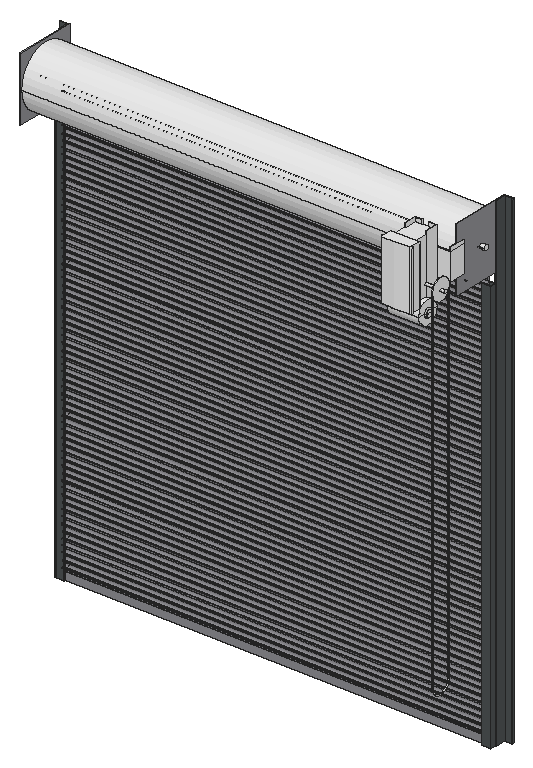
Revit family "FireKing-Fire-Rated-Service-Doors_OHD_Model-634_compact", category Specialty Equipment, host Wall, Revit 2023 (continued)
Definition of nested family "Lifts"
  Dimensions and locks (in)
    aligned and locked: plane 12 "Main" to Extrusion 6 sketch curve  (x2)
    aligned and locked: Extrusion 6 sketch curve to plane 15
    aligned and locked: plane 16 to Extrusion 6 sketch curve
    aligned and locked: Extrusion 7 sketch curve to plane 1 "Center (Front/Back)"  (x2)
    aligned and locked: Extrusion 8 sketch curve to Extrusion 8 sketch curve  (x4)
    aligned and locked: plane 19 to Extrusion 8 sketch curve
    aligned and locked: Extrusion 8 sketch curve to plane 19
    aligned and locked: plane 4 "Opening Height" to Extrusion 8
    aligned and locked: Extrusion 5 sketch curve to plane 12 "Main"
    aligned and locked: plane 12 "Main" to Extrusion 4 sketch curve
    aligned and locked: Extrusion 9 sketch curve to plane 11  (x2)
    aligned and locked: Extrusion 9 sketch curve to plane 7  (x2)
    aligned and locked: plane 17 to Extrusion 9 sketch curve
    aligned and locked: Extrusion 9 sketch curve to plane 18
    aligned and locked: Masking region 2 sketch curve to Extrusion 4
    aligned and locked: Masking region 2 to curve 2  (x2)
    aligned and locked: Masking region 2 to curve 1  (x2)
    aligned and locked: Masking region 3 sketch curve to Extrusion 7  (x10)
    aligned and locked: Extrusion 7 to Masking region 3 sketch curve
    aligned and locked: Masking region 4 sketch curve to Extrusion 6  (x10)
    aligned and locked: Extrusion 2 to Extrusion 1
    aligned and locked: Extrusion 1 to Extrusion 2
    aligned and locked: curve 1 to Extrusion 9
    aligned and locked: Extrusion 9 to curve 2
    aligned and locked: Masking region 2 to plane 17
    aligned and locked: Masking region 2 to plane 18
    aligned and locked: plane 18 to Masking region 1 sketch curve
    aligned and locked: Masking region 1 sketch curve to plane 17
    aligned and locked: plane 20 to Extrusion 9 sketch curve
    aligned and locked: plane 21 to Extrusion 9 sketch curve
    aligned and locked: plane 20 to Extrusion 4
    aligned and locked: plane 20 to Extrusion 5
    aligned and locked: Extrusion 4 to plane 21
    aligned and locked: Extrusion 5 to plane 21
    aligned and locked: plane 13 to Extrusion 10 sketch curve
    aligned and locked: Extrusion 11 sketch curve to plane 12 "Main"
    aligned and locked: Extrusion 11 sketch curve to plane 7
    aligned and locked: Extrusion 11 sketch curve to plane 11
    aligned and locked: Extrusion 11 sketch curve to plane 8
    aligned and locked: Extrusion 11 to plane 20
    aligned and locked: Extrusion 11 to plane 21
    aligned and locked: plane 20 to Extrusion 10
    aligned and locked: Extrusion 10 to plane 21
    aligned and locked: plane 8 to Extrusion 9
    aligned and locked: Extrusion 11 to curve 3
    aligned and locked: plane 20 to curve 3
    aligned and locked: plane 21 to curve 3
    aligned and locked: Extrusion 7 to plane 7
    aligned and locked: plane 7 to Extrusion 6
    aligned and locked: Extrusion 4 sketch curve to plane 11
    aligned and locked: Extrusion 5 sketch curve to plane 11
  Automatic sketch dimensions
    Extrusion 2 sketch curve to level = 0"
    Extrusion 1 sketch curve to Extrusion 1 sketch curve = 3/8"
    plane 17 to Masking region 2 sketch curve = 0"
    Masking region 2 sketch curve to plane 18 = 0"
    Masking region 2 sketch curve to plane 1 "Center (Front/Back)" = 0"
    radius of Extrusion 3 sketch curve = 0.6"
Definition of nested family "Motor"
  Parameters (values of type "Trolley Motor")
    Wall Mount RSX = if(Chain Hoist, 1 = 2, if(Motor Option = 3, 1 = 1, 1 = 2))  # no
    Top Mount RSX = if(Chain Hoist, 1 = 2, if(Motor Option = 2, 1 = 1, 1 = 2))  # no
    Shaft Material = none
    Real Exterior Wall Offset = if(Wall Mount RSX, Displacement, Exterior Wall Offset + if(and(BJ, Bench Mount RSX, Hood Width < 19 1/2"), 2.6", 0"))  # 6"
    Not Chain Hoist = not(Chain Hoist)  # yes
    Not Bench + Top = not(or(Top Mount RSX, Chain Hoist, Bench Mount RSX))  # yes
    Horizontal Mount = if(Face Mount RSX, 5.08" + 0.12" + 2.38", if(Top Mount RSX, 11.19", if(Wall Mount RSX, 5.08", if(Bench Mount RSX, 4.77" + if(or(Hood Width < 14", Hood Width = 14"), 6.13", if(or(Hood Width < 16", Hood Width = 16"), 4.13", 3 1/4")), 0"))))  # 7.58"
    Not Fire King = if(Chain Hoist, 1 = 2, not(Chain Hoist))  # yes
    Vertical Mount = if(Face Mount RSX, 11.07" + Hood Height / 2, if(Top Mount RSX, 14.92" - 0.13" - 2.38", if(Wall Mount RSX, 20.03" + 6" + Hood Height / 2, if(Bench Mount RSX, 20" + 2.29" + Hood Height / 2, Hood Height))))  # 20.3825"
    Motor Type = if(Motor Option < 2, "RSX FDO Face Mount", if(Motor Option = 2, "RSX FDO Top Mount", if(Motor Option = 3, "RSX Wall Mount", if(Motor Option = 4, "RSX Bench Mount", "Chain Hoist"))))  # "RSX FDO Face Mount"
    Motor Option = 1
    Main Material = none
    Hood Width Real = if(Wall Mount RSX, 0", if(Chain Hoist, if(Hood Height < Hood Width, (Hood Width + (Hood Width - Hood Height)) / 2, Hood Width / 2), Hood Width))  # 17 1/2"
    Hood Width = 17 1/2"
    Hood Height = 18 5/8"
    Hood Mount = if(or(Face Mount RSX, Top Mount RSX), 0.37", if(Wall Mount RSX, if(BJ, 12.24" + BJ Displacement, 14.74"), if(Bench Mount RSX, 14.49", 4.26")))  # 0.37"
    Floor To Cl Shaft = 132 5/16"
    Fire King RHX = 1 = 2  # no
    Top Option Offset = if(or(Top Mount RSX, Bench Mount RSX), 20", 0")  # 0"
    Face+Top = if(Chain Hoist, 1 = 2, if(or(Face Mount RSX, Top Mount RSX), 1 = 1, 1 = 2))  # yes
    Face Mount RSX = if(Chain Hoist, 1 = 2, if(Motor Option < 2, 1 = 1, 1 = 2))  # yes
    Top + Bench = if(Chain Hoist, 1 = 2, if(or(Top Mount RSX, Bench Mount RSX), 1 = 1, 1 = 2))  # no
    Face + Top + Bench = if(Chain Hoist, 1 = 2, if(or(Face Mount RSX, Top Mount RSX, Bench Mount RSX), 1 = 1, 1 = 2))  # yes
    Exterior Wall Offset = 6"
    Displacement = 6"
    Default Elevation = 48"
    Chain V Offset = if(or(Face Mount RSX, Wall Mount RSX), 6.53", if(or(Top Mount RSX, Bench Mount RSX), 18.81", Hood Height / 2))  # 6.53"
    Chain H Offset = if(or(Face Mount RSX, Wall Mount RSX), 1.19", if(or(Top Mount RSX, Bench Mount RSX), 6.53", 0"))  # 1.19"
    Chain Hoist = no
    Bench Mount RSX = if(Chain Hoist, 1 = 2, if(Motor Option > 3, 1 = 1, 1 = 2))  # no
    BJ Displacement = 0"
    BJ = no
    Angle = if(or(Bench Mount RSX, Top Mount RSX), 90.00°, 180.00°)  # 180.00°
  Reference planes (in)
    plane 1 "Center (Front/Back)": y = 0
    plane 2: z = 0
    plane 3 "Center (Left/Right)": x = 0
    plane 4: y = 0
    plane 5: y = 1.19
    plane 6: z = -125.7825
    plane 7: z = -95.7825
    plane 8: z = 6.53
    plane 9 "Chain Hoist": z = 6.53
    plane 10 "Top Of Hood": z = 20.3825
    plane 11: y = 7.58
    plane 12: z = 0
    plane 13 "Hood Face": x = 6.8795
    plane 14: x = 7.2495
    plane 15: y = 25.08
    plane 16 "Wall": y = 31.08
  Forms (in)
    Extrusion 1, solid, material <- "Main Material", visible <- "Not Chain Hoist"
      sketch origin (0, 0, 18.8898) x (1, 0, 0) y (0, 1, 0)
        loop
          line (-4.134, -2.41307) -> (4.116, -2.41307) -> (4.116, -2.29347) -> (3.108, -2.29347)
          arc (3.108, -2.29347) -> (3.02315, -2.25832) -> (2.988, -2.17347) r 0.12
          line (2.988, -2.17347) -> (2.988, 4.96193) -> (-2.988, 4.96193) -> (-2.988, -2.17347)
          arc (-2.988, -2.17347) -> (-3.02315, -2.25832) -> (-3.108, -2.29347) r 0.12
          line (-3.108, -2.29347) -> (-4.134, -2.29347) -> (-4.134, -2.41307)
      from -16.64 to 0
    Extrusion 2, solid, material <- "Main Material", visible <- "Not Chain Hoist"
      sketch origin (0, 0, 18.8898) x (1, 0, 0) y (0, 1, 0)
        loop
          line (-4.134, -2.41307) -> (-4.134, -5.05565) -> (-4.3324, -5.05565) -> (-4.3324, -5.3122)
          arc (-4.3324, -5.3122) -> (-4.24466, -5.55085) -> (-4.02324, -5.67585) r 0.36846
          arc (-4.02324, -5.67585) -> (0, -6.0017) -> (4.02324, -5.67585) r 25
          arc (4.02324, -5.67585) -> (4.24466, -5.55085) -> (4.3324, -5.3122) r 0.36846
          line (4.3324, -5.3122) -> (4.3324, -5.05565) -> (4.116, -5.05565) -> (4.116, -2.41307) -> (-4.134, -2.41307)
      from -17 to 0.35839
    Revolve 3, solid, material <- "Main Material", visible <- "Not Fire King"
      sketch origin (2.0828, 5.66524, 0) x (0, -1, 0) y (1, 0, 0)
        loop
          line (5.66524, -9.0813) -> (5.66524, 3.1162) -> (4.82413, 3.1162) -> (4.82413, 2.7162) -> (4.39283, 2.7162) -> (4.39283, 2.4872) -> (2.44007, 2.4872) -> (2.44007, -6.6585) -> (3.79863, -6.6585) -> (3.79863, -7.51105) -> (3.89778, -7.6102) -> (5.36033, -7.6102) -> (5.36033, -7.8313) -> (4.69783, -7.8313) -> (4.69783, -9.0813) -> (5.66524, -9.0813)
        axis (5.66524, -9.0813) -> (5.66524, 3.1162)
      angle from 0 to 360
    Extrusion 4, solid, material <- "Main Material", visible <- "Wall Mount RSX"
      sketch origin (0, 0, 18.8898) x (1, 0, 0) y (0, 1, 0)
        loop
          line (-2.988, 5.08193) -> (-4.988, 5.08193) -> (-4.988, 4.96193) -> (-3.108, 4.96193) -> (-3.108, 1.46193) -> (-2.988, 1.46193) -> (-2.988, 5.08193)
        loop
          line (2.988, 5.08193) -> (2.988, 1.46193) -> (3.108, 1.46193) -> (3.108, 4.96193) -> (4.988, 4.96193) -> (4.988, 5.08193) -> (2.988, 5.08193)
      from -16.64 to 1.14
    Extrusion 5, solid, material <- "Main Material"
      sketch origin (0, 0.00141, 3.59957) x (0, 0, 1) y (0, -1, 0)
        loop
          circle (2.93043, -1.18859) r 3
      from 7.52 to 7.2495
    Sweep 6, solid, material <- "Main Material"
      path origin (7.38475, 9.53, 48) x (0, 1, 0) y (0, 0, 1)
        loop
          line (-11.34, -41.47) -> (-11.34, -143.7825)
          arc (-11.34, -143.7825) -> (-8.34, -146.7825) -> (-5.34, -143.7825) r 3
          line (-5.34, -143.7825) -> (-5.34, -41.47)
      profile origin (7.38475, -1.81, -44.62625) x (1, 0, 0) y (0, 1, 0)
        loop
          circle (0, 0.1) r 0.1
    Extrusion 7, solid, material <- "Main Material"
      sketch origin (0, 0.00141, 3.59957) x (0, 0, 1) y (0, -1, 0)
        loop
          circle (2.93043, -1.18859) r 0.4
      from 8.82 to 0
    Extrusion 8, solid, material <- "Main Material", visible <- "Face+Top"
      sketch origin (0, 0, 18.8898) x (1, 0, 0) y (0, 1, 0)
        loop
          line (7.2495, 5.08193) -> (7.2495, 9.82193) -> (7.1295, 9.82193) -> (7.1295, 5.20193) -> (-2.988, 5.20193) -> (-2.988, 5.08193) -> (7.2495, 5.08193)
      from -12.32 to -4.32
    Extrusion 9, solid, material <- "Main Material", visible <- "Face + Top + Bench"
      sketch origin (0.25, 0, 18.8898) x (1, 0, 0) y (0, 1, 0)
        loop
          line (-3.358, 5.08193) -> (-3.358, 1.46193) -> (-3.238, 1.46193) -> (-3.238, 4.96193) -> (-1.238, 4.96193) -> (-1.238, 5.08193) -> (-3.358, 5.08193)
        loop
          line (2.858, 5.08193) -> (0.738, 5.08193) -> (0.738, 4.96193) -> (2.738, 4.96193) -> (2.738, 1.46193) -> (2.858, 1.46193) -> (2.858, 5.08193)
      from -16.64 to 1.14
    Extrusion 10, solid, material <- "Main Material", visible <- "Face+Top"
      sketch origin (0, 0, 0) x (0, 0, 1) y (0, -1, 0)
        loop
          line (15.5698, -5.33193) -> (6.5698, -5.33193) -> (6.5698, -9.82193) -> (15.5698, -9.82193) -> (15.5698, -5.33193)
      from 6.8795 to 7.1295
    Extrusion 11, solid, material <- "Main Material", visible <- "Bench Mount RSX"
      sketch origin (0, 0, 18.8898) x (1, 0, 0) y (0, 1, 0)
        loop
          line (-6.9985, 5.08193) -> (3.108, 5.08193) -> (3.108, 5.20193) -> (-7.1205, 5.20193) -> (-7.1205, 1.33693) -> (-6.9985, 1.33693) -> (-6.9985, 5.08193)
      from -10.78 to -1.46
    Extrusion 12, solid, material <- "Main Material", visible <- "Bench Mount RSX"
      sketch origin (0, 0, 0) x (0, 0, 1) y (0, -1, 0)
        loop
          line (8.2698, -1.46193) -> (8.2698, -4.96193) -> (17.2698, -4.96193) -> (17.2698, -1.46193) -> (8.2698, -1.46193)
      from -7.24 to -7.1205
  Lines and regions (in)
    reference lines
      curve 1: line (0, 0, 0) -> (0, 0, 18.8898)
  Dimensions and locks (in)
    Extrusion 4 sketch curve to Extrusion 4 sketch curve = 3.62"
    locked: Extrusion 4 sketch curve to Extrusion 4 sketch curve at 0.12  (x3)
    "Chain H Offset": plane 4 to plane 5
    locked: plane 7 to plane 6 at 30
    locked: Sweep 6 sketch curve to profile plane at 0
    locked: profile plane to Sweep 6 sketch curve at 0.1
    locked: Sweep 6 sketch curve to Sweep 6 sketch curve at 6
    "Floor To Cl Shaft": plane 8 to plane 6
    "Horizontal Mount": plane 1 "Center (Front/Back)" to plane 11
    Extrusion 9 sketch curve to Extrusion 9 sketch curve = 3.62"
    locked: Extrusion 9 sketch curve to Extrusion 9 sketch curve at 0.12  (x3)
    "Top Option Offset": level to plane 12
    "Chain V Offset": plane 9 "Chain Hoist" to plane 12
    equal spacing: Sweep 6 sketch curve, plane 5, Sweep 6 sketch curve
    "Vertical Mount": plane 10 "Top Of Hood" to plane 12
    locked: Extrusion 2 sketch curve to Extrusion 2 sketch curve at 8.25
    locked: Extrusion 2 sketch curve to Extrusion 2 sketch curve at 2.64258
    locked: plane 3 "Center (Left/Right)" to plane 14 at 7.2495
    "Hood Mount": plane 13 "Hood Face" to plane 14
    locked: Extrusion 8 sketch curve to Extrusion 8 sketch curve at 0.12  (x2)
    locked: Extrusion 8 sketch curve to curve 1 at 5.08193
    "Hood Width Real": plane 11 to plane 15
    "Real Exterior Wall Offset": plane 15 to plane 16 "Wall"
    locked: Extrusion 8 sketch curve to Extrusion 8 sketch curve at 4.62
    Revolve 3 sketch curve to Revolve 3 sketch curve to Revolve 3 sketch curve to Revolve 3 sketch curve to Revolve 3 sketch curve to Revolve 3 sketch curve to Revolve 3 sketch curve = 1 1/4" locked, 0.2211" locked, 0.9517" locked, 9.1457" locked, 0.229" locked, 0.4" locked
    Revolve 3 sketch curve to Revolve 3 sketch curve to Revolve 3 sketch curve to Revolve 3 sketch curve to Revolve 3 sketch curve to Revolve 3 sketch curve to Revolve 3 sketch curve to Revolve 3 sketch curve = 0.30491" locked, 0.53619" locked, 0.12631" locked, 0.305" locked, 0.49505" locked, 0.09915" locked, 1.35856" locked
    locked: Extrusion 1 sketch curve to Extrusion 1 sketch curve at 0.1196
    locked: Extrusion 1 sketch curve to Extrusion 1 sketch curve at 5.976
    equal spacing: Extrusion 1 sketch curve, curve 1, Extrusion 1 sketch curve
    locked: curve 1 to Extrusion 1 sketch curve at 2.41307
    locked: Extrusion 1 sketch curve to Extrusion 1 sketch curve at 7.375
    locked: Extrusion 9 sketch curve to curve 1 at 1.46193
    equal spacing: Extrusion 4 sketch curve, curve 1, Extrusion 4 sketch curve
    locked: Extrusion 4 sketch curve to curve 1 at 1.46193
    locked: Extrusion 10 sketch curve to Extrusion 10 sketch curve at 4.49
    locked: Extrusion 10 sketch curve to Extrusion 10 sketch curve at 9
    locked: Extrusion 10 sketch curve to curve 1 at 9.82193
    locked: Extrusion 10 sketch curve to curve 1 at 6.5698
    locked: Revolve 3 sketch curve to plane 3 "Center (Left/Right)" at 4.5757
    locked: Extrusion 4 sketch curve to Extrusion 4 sketch curve at 5.976
    locked: Extrusion 9 sketch curve to plane 3 "Center (Left/Right)" at 2.988
    locked: plane 3 "Center (Left/Right)" to Extrusion 9 sketch curve at 3.108
    locked: Extrusion 4 sketch curve to Extrusion 4 sketch curve at 2
    locked: Extrusion 4 sketch curve to Extrusion 4 sketch curve at 1.88
    locked: Extrusion 8 sketch curve to Extrusion 8 sketch curve at 10.2375
    locked: curve 1 to Extrusion 8 sketch curve at 7.2495
    locked: Extrusion 1 sketch curve to Extrusion 1 sketch curve at 1.128
    locked: Extrusion 1 sketch curve to Extrusion 1 sketch curve at 1.146
    locked: curve 1 to Extrusion 2 sketch curve at 2.41307
    locked: Extrusion 11 sketch curve to Extrusion 11 sketch curve at 0.122
    locked: Extrusion 11 sketch curve to Extrusion 11 sketch curve at 0.12
    locked: Extrusion 11 sketch curve to curve 1 at 6.9985
    locked: Extrusion 11 sketch curve to curve 1 at 5.08193
    locked: Extrusion 11 sketch curve to Extrusion 11 sketch curve at 10.1065
    locked: Extrusion 11 sketch curve to Extrusion 11 sketch curve at 3.865
    locked: Extrusion 12 sketch curve to Extrusion 12 sketch curve at 3.5
    locked: curve 1 to Extrusion 12 sketch curve at 1.46193
    locked: Extrusion 12 sketch curve to Extrusion 12 sketch curve at 9
    locked: Extrusion 12 sketch curve to curve 1 at 10.62
    radius of Extrusion 5 sketch curve = 3"
    radius of Sweep 6 sketch curve = 3"
    radius of Sweep 6 sketch curve = 0.1"
    radius of Extrusion 7 sketch curve = 0.4"
    radius of Extrusion 2 sketch curve = 0.36846"  (x2)
    radius of Extrusion 1 sketch curve = 0.12"  (x2)
    radius of Extrusion 2 sketch curve = 25"
    "Angle": angle curve 1 to plane 1 "Center (Front/Back)"
    angle Extrusion 2 sketch curve to Extrusion 2 sketch curve = 90.00°
    locked: Extrusion 2 sketch curve to Extrusion 2 sketch curve (angle 90.00°)
    aligned and locked: plane 2 to level
    aligned and locked: Revolve 3 sketch curve to Revolve 3 sketch curve
    aligned and locked: plane 1 "Center (Front/Back)" to curve 1
    aligned and locked: level to curve 1
    aligned and locked: plane 1 "Center (Front/Back)" to plane 4
    aligned and locked: Extrusion 4 sketch curve to Extrusion 4 sketch curve  (x3)
    aligned and locked: plane 7 to Sweep 6 sketch curve  (x2)
    aligned and locked: plane 8 to Sweep 6 sketch curve  (x2)
    aligned and locked: plane 5 to Extrusion 5 sketch curve
    aligned and locked: plane 9 "Chain Hoist" to Extrusion 5 sketch curve
    aligned and locked: plane 5 to Extrusion 7 sketch curve
    aligned and locked: plane 9 "Chain Hoist" to Extrusion 7 sketch curve
    aligned and locked: plane 8 to plane 9 "Chain Hoist"
    aligned and locked: Extrusion 9 sketch curve to Extrusion 9 sketch curve  (x3)
    aligned and locked: Extrusion 2 sketch curve to Extrusion 2 sketch curve
    aligned and locked: Extrusion 1 sketch curve to Extrusion 1 sketch curve
    aligned and locked: plane 4 to nested 1
    aligned and locked: plane 3 "Center (Left/Right)" to nested 1
  Automatic sketch dimensions
    plane 1 "Center (Front/Back)" to Revolve 3 sketch curve = 0"
    Revolve 3 sketch curve to Revolve 3 sketch curve = 0.09915"
    Revolve 3 sketch curve to Revolve 3 sketch curve = 4.7892"
    Revolve 3 sketch curve to plane 14 = 1.9628"
    Extrusion 9 sketch curve to plane 3 "Center (Left/Right)" = 0.988"
    plane 3 "Center (Left/Right)" to Extrusion 9 sketch curve = 0.988"
    Extrusion 2 sketch curve to plane 3 "Center (Left/Right)" = 0"
    Extrusion 2 sketch curve to Extrusion 2 sketch curve = 0.1984"
    Extrusion 2 sketch curve to Extrusion 2 sketch curve = 0.15206"
    Extrusion 2 sketch curve to Extrusion 2 sketch curve = 0.25654"
    Extrusion 2 sketch curve to Extrusion 2 sketch curve = 0"  (x2)
    Extrusion 2 sketch curve to Extrusion 2 sketch curve = 0.0593"
  Nested families (in)
    nested 1: "2D_NotScalableMain_29e791da-3db9-4234-ab15-44456784202b" at (0, 0, 0), type "Default"
      with Not Top + Bench yes, Face Mount yes, Chain Hoist no
  Definition of nested family "2D_NotScalableMain_29e791da-3db9-4234-ab15-44456784202b"
    Parameters (values of type "Default")
      Wall Mount = no
      Top Mount = no
      Not Top + Bench = no
      Fire King Face Mount = no
      Face Mount = no
      Top + Bench = no
      Chain Hoist = yes
      Bench Mount = no
    Reference planes (in)
      plane 1 "Center (Front/Back)": y = 0
      plane 2: z = 0
      plane 3 "Center (Left/Right)": x = 0
    Lines and regions (in)
      Masking region 1, in view "Ref. Level", visible <- "Not Top + Bench"
        outline origin (0, 0, 0) x (1, 0, 0) y (0, 1, 0)
          loop
            line (-6.9985, -0.96741) -> (-5.7485, -0.96741) -> (-5.7485, -0.30491) -> (-5.5274, -0.30491) -> (-5.5274, -1.76746) -> (-5.42825, -1.86661) -> (-4.5757, -1.86661) -> (-4.5757, -3.22517) -> (-4.134, -3.22517) -> (-4.134, -5.05565) -> (-4.3324, -5.05565) -> (-4.3324, -5.3122)
            arc (-4.3324, -5.3122) -> (-4.24466, -5.55085) -> (-4.02324, -5.67585) r 0.36846
            arc (-4.02324, -5.67585) -> (0, -6.0017) -> (4.02324, -5.67585) r 25
            arc (4.02324, -5.67585) -> (4.24466, -5.55085) -> (4.3324, -5.3122) r 0.36846
            line (4.3324, -5.3122) -> (4.3324, -5.05565) -> (4.116, -5.05565) -> (4.116, -3.22517) -> (4.57, -3.22517) -> (4.57, -1.27241) -> (4.799, -1.27241) -> (4.799, -0.84111) -> (5.199, -0.84111) -> (5.199, 0.79) -> (7.2495, 0.79) -> (7.2495, -1.81) -> (7.52, -1.81) -> (7.52, 0.79) -> (8.82, 0.79) -> (8.82, 1.59) -> (7.52, 1.59) -> (7.52, 4.19) -> (7.2495, 4.19) -> (7.2495, 1.59) -> (4.57, 1.59) -> (4.57, 3.22517) -> (2.988, 3.22517) -> (2.988, 4.96193) -> (-2.988, 4.96193) -> (-2.988, 3.22517) -> (-4.5757, 3.22517) -> (-4.5757, 1.86661) -> (-5.42825, 1.86661) -> (-5.5274, 1.76746) -> (-5.5274, 0.30491) -> (-5.7485, 0.30491) -> (-5.7485, 0.96741) -> (-6.9985, 0.96741) -> (-6.9985, -0.96741)
      Masking region 2, in view "Ref. Level", visible <- "Fire King Face Mount"
        outline origin (0, 0, 0) x (1, 0, 0) y (0, 1, 0)
          loop
            circle (0, 1.59) r 2.87397
          loop
            line (-2.988, 7.80693) -> (-2.988, 4.96193) -> (2.988, 4.96193) -> (2.988, 7.80693) -> (0.82, 7.80693) -> (0.82, 16.89193) -> (0.57, 16.89193) -> (0.57, 7.80693) -> (-2.988, 7.80693)
      Masking region 3, in view "Ref. Level", visible <- "Face Mount"
        outline origin (0, 0, 0) x (1, 0, 0) y (0, 1, 0)
          loop
            line (-3.108, 1.46193) -> (-2.988, 1.46193) -> (-2.988, 4.96193) -> (2.988, 4.96193) -> (2.988, 1.46193) -> (3.108, 1.46193) -> (3.108, 5.08193) -> (7.2495, 5.08193) -> (7.2495, 9.82193) -> (6.8795, 9.82193) -> (6.8795, 5.33193) -> (7.1295, 5.33193) -> (7.1295, 5.20193) -> (-2.988, 5.20193) -> (-2.988, 5.08193) -> (-3.108, 5.08193) -> (-3.108, 1.46193)
      Masking region 4, in view "Ref. Level", visible <- "Top + Bench"
        outline origin (0, 0, 0) x (1, 0, 0) y (0, 1, 0)
          loop
            line (-6.9985, -0.96741) -> (-5.7485, -0.96741) -> (-5.7485, -0.30491) -> (-5.5274, -0.30491) -> (-5.5274, -1.76746) -> (-5.42825, -1.86661) -> (-4.5757, -1.86661) -> (-4.5757, -3.22517) -> (4.57, -3.22517) -> (4.57, -1.27241) -> (4.799, -1.27241) -> (4.799, -0.84111) -> (5.199, -0.84111) -> (5.199, 0.84111) -> (4.799, 0.84111) -> (4.799, 1.27241) -> (4.57, 1.27241) -> (4.57, 3.22034) -> (4.3324, 3.22034) -> (4.3324, 6.13) -> (7.2495, 6.13) -> (7.2495, 3.53) -> (7.52, 3.53) -> (7.52, 6.13) -> (8.82, 6.13) -> (8.82, 6.93) -> (7.52, 6.93) -> (7.52, 9.53) -> (7.2495, 9.53) -> (7.2495, 6.93) -> (4.3324, 6.93) -> (4.3324, 19.24819) -> (3.108, 19.24819) -> (3.108, 20.0298) -> (0.988, 20.0298) -> (0.988, 19.24819) -> (-0.988, 19.24819) -> (-0.988, 20.0298) -> (-3.108, 20.0298) -> (-3.108, 19.24819) -> (-4.3324, 19.24819) -> (-4.3324, 3.22517) -> (-4.5757, 3.22517) -> (-4.5757, 1.86661) -> (-5.42825, 1.86661) -> (-5.5274, 1.76746) -> (-5.5274, 0.30491) -> (-5.7485, 0.30491) -> (-5.7485, 0.96741) -> (-6.9985, 0.96741) -> (-6.9985, -0.96741)
      Masking region 5, in view "Ref. Level", visible <- "Top Mount"
        outline origin (0, 0, 0) x (1, 0, 0) y (0, 1, 0)
          loop
            line (4.3324, 14.55771) -> (4.3324, 6.93) -> (7.2495, 6.93) -> (7.2495, 14.55771) -> (7.1295, 14.55771) -> (7.1295, 15.55771) -> (6.8795, 15.55771) -> (6.8795, 14.55771) -> (4.3324, 14.55771)
      Masking region 6, in view "Ref. Level", visible <- "Wall Mount"
        outline origin (0, 0, 0) x (1, 0, 0) y (0, 1, 0)
          loop
            line (-4.988, 4.96193) -> (-3.108, 4.96193) -> (-3.108, 1.46193) -> (-2.988, 1.46193) -> (-2.988, 5.08193) -> (-4.988, 5.08193) -> (-4.988, 4.96193)
          loop
            line (2.988, 1.46193) -> (3.108, 1.46193) -> (3.108, 4.96193) -> (4.988, 4.96193) -> (4.988, 5.08193) -> (2.988, 5.08193) -> (2.988, 1.46193)
      Masking region 7, in view "Ref. Level", visible <- "Bench Mount"
        outline origin (0, 0, 0) x (1, 0, 0) y (0, 1, 0)
          loop
            line (-7.24, 9.2698) -> (-7.1205, 9.2698) -> (-7.1205, 9.1098) -> (-4.3324, 9.1098) -> (-4.3324, 17.4298) -> (-7.1205, 17.4298) -> (-7.1205, 17.2698) -> (-7.24, 17.2698) -> (-7.24, 9.2698)
      Masking region 8, in view "Ref. Level", visible <- "Chain Hoist"
        outline origin (0, -6.98957, 0) x (1, 0, 0) y (0, 1, 0)
          loop
            line (4.7396, 6.58957) -> (7.2495, 6.58957) -> (7.2495, 3.98957) -> (7.52, 3.98957) -> (7.52, 6.58957) -> (8.82, 6.58957) -> (8.82, 7.38957) -> (7.52, 7.38957) -> (7.52, 9.98957) -> (7.2495, 9.98957) -> (7.2495, 7.38957) -> (4.7396, 7.38957) -> (4.7396, 6.58957)
      reference lines, in view "Ref. Level"
        curve 1: line (0, 0, 0) -> (0, 0.125, 0)
        curve 2: line (0, 0, 0) -> (0.125, 0, 0)
      detail lines, in view "Ref. Level", visible <- "Not Top + Bench"
        curve 3: line (7.2495, 4.19, 0) -> (7.2495, -1.81, 0)
        curve 4: line (7.52, 4.19, 0) -> (7.52, -1.81, 0)
        curve 5: line (-4.134, -2.29347, 0) -> (-4.134, -5.05565, 0)
        curve 6: line (4.116, -2.29347, 0) -> (4.116, -5.05565, 0)
        curve 7: line (-4.134, -2.41307, 0) -> (4.116, -2.41307, 0)
        curve 8: line (4.116, -2.29347, 0) -> (3.108, -2.29347, 0)
        curve 9: line (2.988, -2.17347, 0) -> (2.988, 4.96193, 0)
        curve 10: line (2.988, 4.96193, 0) -> (-2.988, 4.96193, 0)
        curve 11: line (-2.988, 4.96193, 0) -> (-2.988, -2.17347, 0)
        curve 12: arc (-2.988, -2.17347, 0) -> (-3.02315, -2.25832, 0) -> (-3.108, -2.29347, 0) r 0.12
        curve 13: arc (3.108, -2.29347, 0) -> (3.02315, -2.25832, 0) -> (2.988, -2.17347, 0) r 0.12
        curve 14: line (4.57, -3.22517, 0) -> (4.57, 0.77483, 0)
        curve 15: line (4.799, -1.27241, 0) -> (4.799, 0.77483, 0)
        curve 16: line (5.199, -0.84111, 0) -> (5.199, 0.77483, 0)
        curve 17: line (-4.5757, -3.22517, 0) -> (-4.5757, 3.22517, 0)
        curve 18: line (-5.42825, -1.86661, 0) -> (-5.42825, 1.86661, 0)
        curve 19: line (-5.5274, 1.76746, 0) -> (-5.5274, -1.76746, 0)
        curve 20: line (-5.7485, -0.96741, 0) -> (-5.7485, 0.96741, 0)
        curve 25: line (-4.116, -2.29347, 0) -> (-3.108, -2.29347, 0)
        curve 26: line (5.199, 0.77483, 0) -> (2.988, 0.77483, 0)
        curve 27: line (4.57, 1.59, 0) -> (3.108, 1.59, 0)
      detail lines, in view "Ref. Level", visible <- "Fire King Face Mount"
        curve 21: circle (0, 1.59, 0) r 1.29967 normal (0, 0, 1)
        curve 22: circle (0, 1.59, 0) r 0.87193 normal (0, 0, 1)
        curve 23: line (-2.988, 7.80693, 0) -> (2.988, 7.80693, 0)
        curve 24: line (-2.988, 7.685, 0) -> (2.988, 7.685, 0)
      detail lines, in view "Ref. Level", visible <- "Top + Bench"
        curve 28: line (-4.5757, -3.22517, 0) -> (-4.5757, 3.22517, 0)
        curve 29: line (-5.42825, 1.86661, 0) -> (-5.42825, -1.86661, 0)
        curve 30: line (-5.5274, 1.76746, 0) -> (-5.5274, -1.76746, 0)
        curve 31: line (-5.7485, -0.96741, 0) -> (-5.7485, 0.96741, 0)
        curve 32: line (-4.3324, 1.8898, 0) -> (-4.3324, 19.24819, 0)
        curve 33: line (-4.3324, 1.8898, 0) -> (4.3324, 1.8898, 0)
        curve 34: line (4.3324, 1.8898, 0) -> (4.3324, 19.24819, 0)
        curve 35: line (4.57, 3.22517, 0) -> (4.57, -3.22517, 0)
        curve 36: line (4.799, 1.27241, 0) -> (4.799, -1.22759, 0)
        curve 41: line (2.988, 20.0298, 0) -> (2.988, 19.24819, 0)
        curve 42: line (-2.988, 20.0298, 0) -> (-2.988, 19.24819, 0)
        curve 43: line (-3.108, 19.24819, 0) -> (-0.988, 19.24819, 0)
        curve 44: line (0.988, 19.24819, 0) -> (3.108, 19.24819, 0)
      detail lines, in view "Ref. Level", visible <- "Chain Hoist"
        curve 37: line (7.2495, 3, 0) -> (7.2495, -3, 0)
        curve 38: line (7.52, -3, 0) -> (7.52, 3, 0)
      detail lines, in view "Ref. Level", visible <- "Bench Mount"
        curve 39: line (-7.1205, 17.4298, 0) -> (-7.1205, 9.1098, 0)
        curve 40: line (-6.9985, 17.4298, 0) -> (-6.9985, 9.1098, 0)
    Dimensions and locks (in)
      curve 1 to curve 1 = 1/8"
      curve 2 to curve 2 = 1/8"
      aligned and locked: plane 1 "Center (Front/Back)" to curve 1
      aligned and locked: plane 3 "Center (Left/Right)" to curve 1
      aligned and locked: plane 1 "Center (Front/Back)" to curve 2
Definition of nested family "Label Annotation 1"
  Parameters (values of type "Label Annotation 1-8")
    Label = "Area is too big. Please reduce Door Size."
  Reference planes (in)
    plane 1: y = 0
    plane 2: x = 0
  Text (in)
    label "Label" at (0.00375, -0.00345, 0), shows "Label"
Definition of nested family "Warning Sign"
  Parameters (values of type "Warning Sign")
    Warning Sign [instance] = no
    Default Elevation = 48"
  Reference planes (in)
    plane 1 "Center (Front/Back)": y = 0
    plane 2: z = 0
    plane 3 "Center (Left/Right)": x = 0
    plane 4: y = 0.5
    plane 5: y = -0.5
    plane 6: y = 1
    plane 7: y = 0.25
  Lines and regions (in)
    model lines
      curve 1: line (-2.26129, 1, 45.69444) -> (-26.3817, 1, 3.91667)
      curve 2: line (-25.25106, 1, 3.26389) -> (-1.13064, 1, 45.04167)
      curve 3: arc (2.26129, 1, 45.69444) -> (0, 1, 47) -> (-2.26129, 1, 45.69444) r 2.61111
      curve 4: arc (-1.13064, 1, 45.04167) -> (0, 1, 45.69444) -> (1.13064, 1, 45.04167) r 1.30556
      curve 5: line (1.13064, 1, 45.04167) -> (25.25106, 1, 3.26389)
      curve 6: line (26.3817, 1, 3.91667) -> (2.26129, 1, 45.69444)
      curve 7: arc (25.25106, 1, 3.26389) -> (25.25106, 1, 1.95833) -> (24.12041, 1, 1.30556) r 1.30556
      curve 8: arc (24.12041, 1, 0) -> (26.3817, 1, 1.30556) -> (26.3817, 1, 3.91667) r 2.61111
      curve 9: line (24.12041, 1, 1.30556) -> (-24.12041, 1, 1.30556)
      curve 10: line (-24.12041, 1, 0) -> (24.12041, 1, 0)
      curve 11: arc (-24.12041, 1, 1.30556) -> (-25.25106, 1, 1.95833) -> (-25.25106, 1, 3.26389) r 1.30556
      curve 12: arc (-26.3817, 1, 3.91667) -> (-26.3817, 1, 1.30556) -> (-24.12041, 1, 0) r 2.61111
      curve 13: arc (-2.29479, 1, 8.63537) -> (0, 1, 6.34057) -> (2.29479, 1, 8.63537) r 2.29479
      curve 14: arc (2.29479, 1, 8.63537) -> (0, 1, 10.93016) -> (-2.29479, 1, 8.63537) r 2.29479
      curve 15: arc (-1.6331, 1, 13.97069) -> (0.03439, 1, 12.53727) -> (1.69278, 1, 13.98121) r 1.68043
      curve 16: line (-3.77413, 1, 28.37873) -> (-1.6331, 1, 13.97069)
      curve 17: line (1.69278, 1, 13.98121) -> (3.73924, 1, 28.37873)
      curve 18: arc (3.73924, 1, 28.37873) -> (-0.01745, 1, 32.13541) -> (-3.77413, 1, 28.37873) r 3.75668
      curve 19: line (-2.26129, -0.5, 45.69444) -> (-26.3817, -0.5, 3.91667)
      curve 20: line (-25.25106, -0.5, 3.26389) -> (-1.13064, -0.5, 45.04167)
      curve 21: arc (2.26129, -0.5, 45.69444) -> (0, -0.5, 47) -> (-2.26129, -0.5, 45.69444) r 2.61111
      curve 22: arc (-1.13064, -0.5, 45.04167) -> (0, -0.5, 45.69444) -> (1.13064, -0.5, 45.04167) r 1.30556
      curve 23: line (1.13064, -0.5, 45.04167) -> (25.25106, -0.5, 3.26389)
      curve 24: line (26.3817, -0.5, 3.91667) -> (2.26129, -0.5, 45.69444)
      curve 25: arc (25.25106, -0.5, 3.26389) -> (25.25106, -0.5, 1.95833) -> (24.12041, -0.5, 1.30556) r 1.30556
      curve 26: arc (24.12041, -0.5, 0) -> (26.3817, -0.5, 1.30556) -> (26.3817, -0.5, 3.91667) r 2.61111
      curve 27: line (24.12041, -0.5, 1.30556) -> (-24.12041, -0.5, 1.30556)
      curve 28: line (-24.12041, -0.5, 0) -> (24.12041, -0.5, 0)
      curve 29: arc (-24.12041, -0.5, 1.30556) -> (-25.25106, -0.5, 1.95833) -> (-25.25106, -0.5, 3.26389) r 1.30556
      curve 30: arc (-26.3817, -0.5, 3.91667) -> (-26.3817, -0.5, 1.30556) -> (-24.12041, -0.5, 0) r 2.61111
      curve 31: arc (-2.29479, -0.5, 8.63537) -> (0, -0.5, 6.34057) -> (2.29479, -0.5, 8.63537) r 2.29479
      curve 32: arc (2.29479, -0.5, 8.63537) -> (0, -0.5, 10.93016) -> (-2.29479, -0.5, 8.63537) r 2.29479
      curve 33: arc (-1.6331, -0.5, 13.97069) -> (0.03439, -0.5, 12.53727) -> (1.69278, -0.5, 13.98121) r 1.68043
      curve 34: line (-3.77413, -0.5, 28.37873) -> (-1.6331, -0.5, 13.97069)
      curve 35: line (1.69278, -0.5, 13.98121) -> (3.73924, -0.5, 28.37873)
      curve 36: arc (3.73924, -0.5, 28.37873) -> (-0.01745, -0.5, 32.13541) -> (-3.77413, -0.5, 28.37873) r 3.75668
  Dimensions and locks (in)
    locked: plane 1 "Center (Front/Back)" to plane 4 at 0.5
    equal spacing: plane 1 "Center (Front/Back)", plane 7, plane 4
    locked: plane 4 to plane 6 at 0.5
    locked: plane 5 to plane 1 "Center (Front/Back)" at 0.5
    aligned and locked: plane 2 to level
  Automatic sketch dimensions
    curve 21 to curve 22 = 0"  (x2)
    curve 25 to curve 26 = 0"  (x2)
    curve 29 to curve 30 = 0"  (x2)
    curve 31 to curve 32 = 0"  (x2)
    curve 21 to plane 3 "Center (Left/Right)" = 0"
    curve 31 to plane 3 "Center (Left/Right)" = 0"
    curve 30 to level = 0"
    level to curve 27 = 1.30556"
    curve 26 to curve 27 = 1.30556"
    curve 29 to curve 27 = 1.30556"
    curve 23 to curve 25 = 0.65278"
    curve 20 to curve 29 = 0.65278"
    curve 24 to curve 23 = 0.65278"
    curve 19 to curve 20 = 0.65278"
    level to curve 32 = 8.63537"
    curve 34 to plane 3 "Center (Left/Right)" = 1.6331"
    curve 34 to curve 31 = 5.33532"
    plane 3 "Center (Left/Right)" to curve 35 = 1.69278"
    curve 35 to curve 34 = 0.01052"
    plane 3 "Center (Left/Right)" to curve 33 = 0.02908"
    curve 36 to plane 3 "Center (Left/Right)" = 0.01745"
    curve 36 to curve 33 = 14.16104"
    curve 22 to curve 36 = 16.01016"
    plane 3 "Center (Left/Right)" to curve 23 = 1.13064"
    curve 23 to curve 21 = 0.65278"
    curve 20 to plane 3 "Center (Left/Right)" = 1.13064"
    plane 3 "Center (Left/Right)" to curve 24 = 2.26129"
    curve 24 to curve 22 = 0.65278"
    curve 19 to plane 3 "Center (Left/Right)" = 2.26129"
    curve 34 to curve 36 = 3.75668"
    curve 30 to plane 3 "Center (Left/Right)" = 24.12041"
    plane 3 "Center (Left/Right)" to curve 25 = 24.12041"
    curve 31 to curve 31 = 2.29479"
    curve 3 to curve 4 = 0"  (x2)
    curve 7 to curve 8 = 0"  (x2)
    curve 11 to curve 12 = 0"  (x2)
    curve 13 to curve 14 = 0"  (x2)
    curve 3 to plane 3 "Center (Left/Right)" = 0"
    curve 13 to plane 3 "Center (Left/Right)" = 0"
    curve 12 to level = 0"
    level to curve 9 = 1.30556"
    curve 8 to curve 9 = 1.30556"
    curve 11 to curve 9 = 1.30556"
    curve 5 to curve 7 = 0.65278"
    curve 2 to curve 11 = 0.65278"
    curve 6 to curve 5 = 0.65278"
    curve 1 to curve 2 = 0.65278"
    level to curve 14 = 8.63537"
    curve 16 to plane 3 "Center (Left/Right)" = 1.6331"
    curve 16 to curve 13 = 5.33532"
    plane 3 "Center (Left/Right)" to curve 17 = 1.69278"
    curve 17 to curve 16 = 0.01052"
    plane 3 "Center (Left/Right)" to curve 15 = 0.02908"
    curve 18 to plane 3 "Center (Left/Right)" = 0.01745"
    curve 18 to curve 15 = 14.16104"
    curve 4 to curve 18 = 16.01016"
    plane 3 "Center (Left/Right)" to curve 5 = 1.13064"
    curve 5 to curve 3 = 0.65278"
    curve 2 to plane 3 "Center (Left/Right)" = 1.13064"
    plane 3 "Center (Left/Right)" to curve 6 = 2.26129"
    curve 6 to curve 4 = 0.65278"
    curve 1 to plane 3 "Center (Left/Right)" = 2.26129"
    curve 16 to curve 18 = 3.75668"
    curve 12 to plane 3 "Center (Left/Right)" = 24.12041"
    plane 3 "Center (Left/Right)" to curve 7 = 24.12041"
    curve 13 to curve 13 = 2.29479"
Types (9): name | Voltage | Operator Visibility | Number of Poles | Hood Offset | Headroom Height | Frequency | Door Height True | Door Height (Real) | Floor To (CL) of Shaft | Chain Hoist or Manual | Current | Connector Array | Calculated Area | Apparent Load Phase 3 | Apparent Load Phase 2 | Apparent Load Phase 1
  115 volts, one phase, 60 Hz (110-120V range) | 115 V | yes | 1 | 3" | 21 5/8" | 60 Hz | 141 5/8" | 123" | 132 5/16" | no | 20 A | 3 | 102.927 SF | 0 VA | 0 VA | 2300 VA
  Chain Hoist | 0 V | yes | 1 | 1" | 19 5/8" | 0 Hz | 139 5/8" | 121" | 130 5/16" | yes | 0 A | 2 | 101.253 SF | 0 VA | 0 VA | 0 VA
  208 volts, one phase, 60 Hz (190-207V range) | 208 V | yes | 1 | 3" | 21 5/8" | 60 Hz | 141 5/8" | 123" | 132 5/16" | no | 20 A | 3 | 102.927 SF | 0 VA | 0 VA | 4160 VA
  208 volts, three phase, 60 Hz (190-207 V range) | 208 V | yes | 3 | 3" | 21 5/8" | 60 Hz | 141 5/8" | 123" | 132 5/16" | no | 20 A | 3 | 102.927 SF | 2401.78 VA | 2401.78 VA | 2401.78 VA
  230 volts, one phase, 60 Hz (208-245V range) | 230 V | yes | 1 | 3" | 21 5/8" | 60 Hz | 141 5/8" | 123" | 132 5/16" | no | 20 A | 3 | 102.927 SF | 0 VA | 0 VA | 4600 VA
  230 volts, three phase, 60 Hz (208-245 V range) | 230 V | yes | 3 | 3" | 21 5/8" | 60 Hz | 141 5/8" | 123" | 132 5/16" | no | 20 A | 3 | 102.927 SF | 2655.81 VA | 2655.81 VA | 2655.81 VA
  460 volts, three phase, 60 Hz (456-495 V range) | 460 V | yes | 3 | 3" | 21 5/8" | 60 Hz | 141 5/8" | 123" | 132 5/16" | no | 20 A | 3 | 102.927 SF | 5311.62 VA | 5311.62 VA | 5311.62 VA
  575 volts, three phase, 60 Hz | 575 V | yes | 3 | 3" | 21 5/8" | 60 Hz | 141 5/8" | 123" | 132 5/16" | no | 20 A | 3 | 102.927 SF | 6639.53 VA | 6639.53 VA | 6639.53 VA
  Manual push-up | 0 V | no | 1 | 1" | 19 5/8" | 0 Hz | 139 5/8" | 121" | 130 5/16" | yes | 0 A | 2 | 101.253 SF | 0 VA | 0 VA | 0 VA
